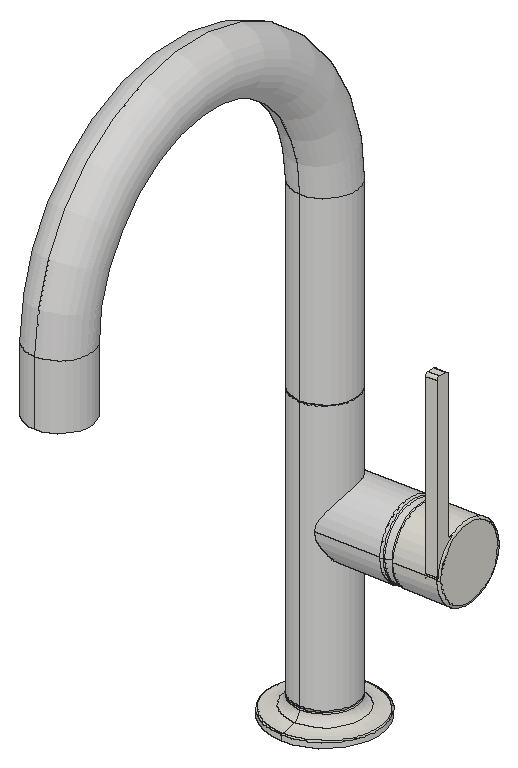
Revit family "Faucet-Lavatory-Spout-KALLISTA-Juxtapose-P23175-1", category Plumbing Fixtures, host Face, Revit 2021
Family settings
  Host = Face
  Round Connector Dimension = Use Diameter
  Part Type = Normal
  OmniClass Number = 23.31.11.00
  OmniClass Title = Faucets
  Cut with Voids When Loaded = No
  Shared = No
  Room Calculation Point = No
Parameters (values of type "SN, VS-Stainless")
  Width = 2.06299"  # constant formula
  WaterSense Certified = 1 = 0  # no
  Waste Water Outlet = "Waste Water Outlet"  # constant formula
  Waste Connection = 1 = 0  # no
  Vent Connection = 1 = 0  # no
  URL = "https://www.kallista.com/"
  Type = 6
  Spout Reach = 5 201/256"  # constant formula
  Secondary Finish = Kallista-Metal-SN-Polished_Nickel
  Product Page URL = "https://www.kallista.com/products/luxury-kitchen/faucets/bar/juxtapose-by-mick-de-giulio-bar-faucet-p23175-sn"
  Product Name = "Juxtapose"  # constant formula
  Product Documentation Link = "https://resources.kohler.com/interiors/kallista/pdf/1402836-4.pdf"
  Pressure = 60.00 psi  # constant formula
  Model = if(Type = 1, "P23175-2MB-VS", if(Type = 2, "P23175-2MB-BL", if(Type = 3, "P23175-AF-BAF", if(Type = 4, "P23175-LV-BL", if(Type = 5, "P23175-LV-CP", if(Type = 6, "P23175-SN-VS", "NA"))))))  # "P23175-SN-VS"
  Material = "Premium Metal Construction"  # constant formula
  Master Format 2014 Name = "Residential Faucets, Supplies, and Trim"  # constant formula
  Master Format 2014 = "22 41 39"  # constant formula
  Manufacturer Address = "444 Highland Dr, Kohler, WI 53044"  # constant formula
  Manufacturer = "Kallista Co."  # constant formula
  Length = Spout Reach  # 5 201/256"
  Hot Water Inlet = "Hot Water Inlet"  # constant formula
  Height = 13"  # constant formula
  Handle Clearance = 3.48819"  # constant formula
  HW Connection = 1 = 1  # yes
  Flow Rate = 1.5 GPM  # constant formula
  Finish = Kallista-Metal-VS-Stainless
  Environmental Product Declaration = ""
  Drain Included = 1 = 0  # no
  Description = "Bar Faucet"  # constant formula
  Default Elevation = 36"
  Declare Label = ""
  Date Modified = "11/14/2024"  # constant formula
  Date Created = "11/14/2024"  # constant formula
  Copyright = "Copyright Kallista Co."  # constant formula
  Contact Us = "https://www.kallista.com/corporate/contact-us/"
  Cold Water Inlet = "Cold Water Inlet"  # constant formula
  CW Connection = 1 = 1  # yes
  Assembly Code = "D2010"
  ADA Compliant = 1 = 0  # no
Types (7): name | Type | Secondary Finish | Product Page URL | Model | Finish
  (no name) | 6 | Kallista-Metal-SN-Polished_Nickel | "https://www.kallista.com/products/luxury-kitchen/faucets/bar/juxtapose-by-mick-de-giulio-bar-faucet-p23175-sn" | "P23175-SN-VS" | Kallista-Metal-VS-Stainless
  2MB, VS-Stainless | 1 | Kallista-Metal-2MB- Brushed_Brass | "" | "P23175-2MB-VS" | Kallista-Metal-VS-Stainless
  2MB, BL-Matte Black | 2 | Kallista-Metal-2MB- Brushed_Brass | "https://www.kallista.com/products/luxury-kitchen/faucets/bar/juxtapose-by-mick-de-giulio-bar-faucet-p23175-2mb" | "P23175-2MB-BL" | Kallista-Metal-BL-Matte_Black
  AF, BAF-Brushed French Gold | 3 | Kallista-Metal-AF-French_Gold | "" | "P23175-AF-BAF" | Kallista-Metal-BAF-Brushed_French_Gold
  LV, BL-Matte Black | 4 | Kallista-Metal-BL-Matte_Black | "https://www.kallista.com/products/luxury-kitchen/faucets/bar/juxtapose-by-mick-de-giulio-bar-faucet-p23175-lv/bl-matte-black" | "P23175-LV-BL" | Kallista-Metal-BL-Matte_Black
  LV, CP-Chrome | 5 | Kallista-Metal-CP-Chrome | "https://www.kallista.com/products/luxury-kitchen/faucets/bar/juxtapose-by-mick-de-giulio-bar-faucet-p23175-lv/cp-chrome" | "P23175-LV-CP" | Kallista-Metal-CP-Chrome
  SN, VS-Stainless | 6 | Kallista-Metal-SN-Polished_Nickel | "https://www.kallista.com/products/luxury-kitchen/faucets/bar/juxtapose-by-mick-de-giulio-bar-faucet-p23175-sn" | "P23175-SN-VS" | Kallista-Metal-VS-Stainless
Reference planes (in)
  plane 1 "Center (Front/Back)": y = 0
  plane 2: z = 0
  plane 3 "Center (Left/Right)": x = 0
  plane 4: x = -1.0315
  plane 5: x = 1.0315
  plane 6: x = 2.62992
  plane 7: y = 1.0315
  plane 8: y = -0.59
  plane 9: y = -1.0315
  plane 10: y = -6.965
  plane 11: x = -0.59
  plane 12: x = 0.59
  plane 13: z = 13
  plane 14: z = 6.95669
  plane 15: z = 3.4685
  plane 16: y = 0
  plane 17: z = 7.97244
  plane 18: y = -5.78516
  plane 19: y = 0.59
  plane 20: z = 4.20756
  plane 21: z = 2.74683
  plane 22: x = -0.27559
  plane 23: x = 0.27559
Dimensions and locks (in)
  plane 15 to plane 14 = 3.48819"
  "Width": plane 4 to plane 5
  "Height": plane 13 to level
  "Handle Clearance": plane 14 to plane 15
  plane 11 to plane 12 = 1.18"
  level to plane 13 = 13"
  level to plane 15 = 3.4685"
  level to plane 14 = 6.95669"
  "Length": plane 16 to plane 18
  level to plane 17 = 7.97244"
  aligned and locked: plane 2 to host face
  aligned and locked: level to host face
  aligned and locked: plane 3 "Center (Left/Right)" to nested 1
  aligned and locked: plane 1 "Center (Front/Back)" to nested 1
Automatic sketch dimensions
  host sketch curve to host sketch curve = 96"  (x2)
Nested families (in)
  nested 1: "P23175" at (0, 0, 0), type "P23175"
Connectors (in)
  piping at (-0.27559, 0, 0), diameter 0.375, driven by "Flow Rate", driven by "Pressure", driven by "HW Connection", driven by "Hot Water Inlet"
    settings: on nested 1, index 1, connector inside diameter 24", connector length 0", flow factor 0, pipe flow 1.5 GPM, pressure drop 60.00 psi, fitting loss kfactor 0, connector angle 0.00°, fixture units 0, engagement length 0", angle of deflection 0.00°, flow configuration 1, flow direction 1, fitting loss method 4, system type 19, joint type 0, gender type 0, connector reference index -1, connector utility 1, adjustable connector no, is connector primary yes, connector description "Hot Water Inlet"
  piping at (0.27559, 0, 0), diameter 0.375, driven by "Flow Rate", driven by "Pressure", driven by "CW Connection", driven by "Cold Water Inlet"
    settings: on nested 1, index 2, connector inside diameter 24", connector length 0", flow factor 0, pipe flow 1.5 GPM, pressure drop 60.00 psi, fitting loss kfactor 0, connector angle 0.00°, fixture units 0, engagement length 0", angle of deflection 0.00°, flow configuration 1, flow direction 1, fitting loss method 4, system type 20, joint type 0, gender type 0, connector reference index -1, connector utility 1, adjustable connector no, is connector primary no, connector description "Cold Water Inlet"
Definition of nested family "P23175"
  Parameters
    Secondary Material = none
    Material = none
    Default Elevation = 0"
  Reference planes (in)
    plane 1 "Center (Front/Back)": y = 0
    plane 2: z = 0
    plane 3 "Center (Left/Right)": x = 0
    plane 4: x = 2.62992
    plane 5: x = -1.0315
    plane 6: x = 1.0315
    plane 7: y = 1.0315
    plane 8: y = -1.0315
    plane 9: z = 3.4685
    plane 10: z = 6.95669
    plane 11: z = 7.97244
    plane 12: y = -6.37402
    plane 13: y = -6.965
    plane 14: y = -5.785
    plane 15: z = 13
    plane 16: y = 0.59
    plane 17: y = -0.59
    plane 18: x = -0.27559
    plane 19: x = 0.27559
  Forms (in)
    Revolve 1, solid, material <- "Material", detail levels medium+fine
      sketch origin (0, 0, 0) x (0, 1, 0) y (0, 0, 1)
        loop
          line (0, 5.67092) -> (0, 0.37502) -> (0.57032, 0.37502)
          arc (0.57032, 0.37502) -> (0.58424, 0.38078) -> (0.59, 0.3947) r 0.01969
          line (0.59, 0.3947) -> (0.59, 5.65123)
          arc (0.59, 5.65123) -> (0.58424, 5.66515) -> (0.57032, 5.67092) r 0.01969
          line (0.57032, 5.67092) -> (0, 5.67092)
        axis (0, 0.37502) -> (0, 5.67092)
      angle from 0 to 360
    Revolve 2, solid, material <- "Secondary Material", detail levels medium+fine
      sketch origin (0, 0, 0) x (0, 1, 0) y (0, 0, 1)
        loop
          line (0, 0) -> (1.0315, 0) -> (1.0315, 0.10118)
          arc (1.0315, 0.10118) -> (1.02555, 0.11527) -> (1.01132, 0.12086) r 0.01969
          arc (1.01132, 0.12086) -> (0.86083, 0.13376) -> (0.71684, 0.17935) r 0.68434
          arc (0.71684, 0.17935) -> (0.63108, 0.24825) -> (0.59081, 0.35061) r 0.21429
          arc (0.59081, 0.35061) -> (0.58176, 0.36802) -> (0.56343, 0.375) r 0.02756
          line (0.56343, 0.375) -> (0, 0.375) -> (0, 0)
        axis (0, 0) -> (0, 0.375)
      angle from 0 to 360
    Sweep 3, solid, material <- "Material", detail levels medium+fine
      path origin (0, 0, 0) x (0, 1, 0) y (0, 0, 1)
        loop
          line (0, 5.67091) -> (0, 9.22183)
          arc (0, 9.22183) -> (-3.18701, 12.40884) -> (-6.37402, 9.22183) r 3.18701
          line (-6.37402, 9.22183) -> (-6.37402, 7.97244)
      profile origin (0, 0, 9.22183) x (0, -1, 0) y (1, 0, 0)
        loop
          spline (0.59001, 0) -> (0.5699, 0.1527) -> (0.51096, 0.295) -> (0.4172, 0.41719) -> (0.29501, 0.51096) -> (0.15271, 0.5699) -> (0.00001, 0.59) -> (-0.1527, 0.5699) -> (-0.29499, 0.51096) -> (-0.41719, 0.41719) -> (-0.51095, 0.295) -> (-0.56989, 0.1527) -> (-0.58999, 0)
          spline (-0.58999, 0) -> (-0.56989, -0.1527) -> (-0.51095, -0.295) -> (-0.41719, -0.41719) -> (-0.29499, -0.51096) -> (-0.1527, -0.5699) -> (0.00001, -0.59) -> (0.15271, -0.5699) -> (0.29501, -0.51096) -> (0.4172, -0.41719) -> (0.51096, -0.295) -> (0.5699, -0.1527) -> (0.59001, 0)
    Extrusion 4, solid, material <- "Material", detail levels medium+fine
      sketch origin (0, 0, 0) x (0, 1, 0) y (0, 0, 1)
        loop
          circle (0.17616, 3.4685) r 0.72322
      from 0 to 1.71445
    Extrusion 5, solid, material <- "Secondary Material", detail levels medium+fine
      sketch origin (0, 0, 0) x (0, 1, 0) y (0, 0, 1)
        loop
          circle (0.17616, 3.4685) r 0.72322
      from 1.71445 to 2.6369
    Sweep 6, void
      path origin (0, 0, 0) x (0, 1, 0) y (0, 0, 1)
        loop
          circle (0.17616, 3.4685) r 0.72322
      profile origin (0, 0.17616, 4.19172) x (0, 0, -1) y (1, 0, 0)
        loop
          arc (0, 1.50099) -> (0.0064, 1.52327) -> (0.02365, 1.53876) r 0.04198
          arc (0.02365, 1.53876) -> (0.01647, 1.55981) -> (0.02153, 1.58147) r 0.04034
          arc (0.02153, 1.58147) -> (0.06386, 1.64998) -> (0.11212, 1.71445) r 0.90447
          line (0.11212, 1.71445) -> (-0.13899, 1.71445) -> (-0.13899, 1.46827) -> (0, 1.46827) -> (0, 1.50099)
    Sweep 7, void
      path origin (0, 0, 0) x (0, 1, 0) y (0, 0, 1)
        loop
          circle (0.17616, 3.4685) r 0.72322
      profile origin (0, 0.17616, 4.19172) x (0, 0, -1) y (1, 0, 0)
        loop
          line (0, 1.75382) -> (0, 1.71445) -> (0.03937, 1.71445)
          arc (0.03937, 1.71445) -> (0.01153, 1.72598) -> (0, 1.75382) r 0.03937
        loop
          line (0, 2.6369) -> (0, 2.59753)
          arc (0, 2.59753) -> (0.01153, 2.62537) -> (0.03937, 2.6369) r 0.03937
          line (0.03937, 2.6369) -> (0, 2.6369)
    Extrusion 8, solid, material <- "Secondary Material", detail levels medium+fine
      sketch origin (0, 0, -0.00615) x (0, 1, 0) y (0, 0, 1)
        loop
          arc (-0.48377, 6.96017) -> (-0.52553, 6.94287) -> (-0.54282, 6.90111) r 0.05906
          line (-0.54282, 6.90111) -> (-0.54282, 3.44223)
          arc (-0.54282, 3.44223) -> (-0.4526, 3.8041) -> (-0.20305, 4.08126) r 0.7708
          arc (-0.20305, 4.08126) -> (-0.26469, 4.08923) -> (-0.29343, 4.14434) r 0.06721
          line (-0.29343, 4.14434) -> (-0.29343, 6.90111)
          arc (-0.29343, 6.90111) -> (-0.31073, 6.94287) -> (-0.35249, 6.96017) r 0.05906
          line (-0.35249, 6.96017) -> (-0.48377, 6.96017)
      from 2.37325 to 2.6003
    Extrusion 9, void
      sketch origin (0, 0, 0) x (1, 0, 0) y (0, 1, 0)
        loop
          spline (0.47189, -6.37401) -> (0.45578, -6.25188) -> (0.40865, -6.13808) -> (0.33368, -6.04033) -> (0.23593, -5.96536) -> (0.12213, -5.91822) -> (0, -5.90212) -> (-0.12213, -5.91822) -> (-0.23593, -5.96536) -> (-0.33368, -6.04033) -> (-0.40865, -6.13808) -> (-0.45578, -6.25188) -> (-0.47189, -6.37401)
          spline (-0.47189, -6.37401) -> (-0.45578, -6.49614) -> (-0.40865, -6.60994) -> (-0.33368, -6.70768) -> (-0.23593, -6.78266) -> (-0.12213, -6.82979) -> (0, -6.8459) -> (0.12213, -6.82979) -> (0.23593, -6.78266) -> (0.33368, -6.70768) -> (0.40865, -6.60994) -> (0.45578, -6.49614) -> (0.47189, -6.37401)
      from 7.77266 to 8.01736
    Extrusion 10, void
      sketch origin (0, 0, 0) x (1, 0, 0) y (0, 1, 0)
        loop
          spline (0.35378, -6.37404) -> (0.3417, -6.28251) -> (0.30637, -6.1971) -> (0.25016, -6.12385) -> (0.17688, -6.06765) -> (0.09156, -6.0323) -> (0, -6.02023) -> (-0.09156, -6.0323) -> (-0.17688, -6.06765) -> (-0.25016, -6.12385) -> (-0.30637, -6.1971) -> (-0.3417, -6.28251) -> (-0.35378, -6.37404)
          spline (-0.35378, -6.37404) -> (-0.3417, -6.46553) -> (-0.30636, -6.55093) -> (-0.25015, -6.62418) -> (-0.17687, -6.68037) -> (-0.09156, -6.71572) -> (0, -6.72779) -> (0.09156, -6.71572) -> (0.17687, -6.68037) -> (0.25015, -6.62418) -> (0.30636, -6.55093) -> (0.3417, -6.46553) -> (0.35378, -6.37404)
      from 7.78178 to 8.11157
    Extrusion 11, solid, material <- "Material", detail levels medium+fine
      sketch origin (0, 0, 0) x (1, 0, 0) y (0, 1, 0)
        loop
          arc (-0.16653, -6.20697) -> (-0.21377, -6.27459) -> (-0.23489, -6.35432) r 0.23622
          line (-0.23489, -6.35432) -> (-0.19536, -6.35432)
          arc (-0.19536, -6.35432) -> (-0.17736, -6.28967) -> (-0.13869, -6.23481) r 0.19685
          line (-0.13869, -6.23481) -> (-0.16653, -6.20697)
        loop
          arc (0.19736, -6.37401) -> (0.18592, -6.44014) -> (0.15292, -6.49858) r 0.19685
          line (0.15292, -6.49858) -> (0.18088, -6.52654)
          arc (0.18088, -6.52654) -> (0.22233, -6.45523) -> (0.23673, -6.37401) r 0.23622
          line (0.23673, -6.37401) -> (0.19736, -6.37401)
        loop
          line (0.00051, -6.13779) -> (0.00051, -6.17716)
          arc (0.00051, -6.17716) -> (0.06664, -6.1886) -> (0.12508, -6.22159) r 0.19685
          line (0.12508, -6.22159) -> (0.15304, -6.19364)
          arc (0.15304, -6.19364) -> (0.08172, -6.15219) -> (0.00051, -6.13779) r 0.23622
        loop
          line (0.16754, -6.54104) -> (0.1397, -6.5132)
          arc (0.1397, -6.5132) -> (0.07584, -6.55587) -> (0.00051, -6.57086) r 0.19685
          line (0.00051, -6.57086) -> (0.00051, -6.61023)
          arc (0.00051, -6.61023) -> (0.0909, -6.59225) -> (0.16754, -6.54104) r 0.23622
        loop
          line (0.16754, -6.20697) -> (0.1397, -6.23481)
          arc (0.1397, -6.23481) -> (0.17837, -6.28967) -> (0.19637, -6.35432) r 0.19685
          line (0.19637, -6.35432) -> (0.23591, -6.35432)
          arc (0.23591, -6.35432) -> (0.21479, -6.27459) -> (0.16754, -6.20697) r 0.23622
        loop
          arc (-0.01918, -6.13861) -> (-0.08989, -6.15577) -> (-0.15203, -6.19364) r 0.23622
          line (-0.15203, -6.19364) -> (-0.12407, -6.22159)
          arc (-0.12407, -6.22159) -> (-0.07482, -6.19214) -> (-0.01918, -6.17814) r 0.19685
          line (-0.01918, -6.17814) -> (-0.01918, -6.13861)
        loop
          arc (-0.01918, -6.56987) -> (-0.08384, -6.55187) -> (-0.13869, -6.5132) r 0.19685
          line (-0.13869, -6.5132) -> (-0.16653, -6.54104)
          arc (-0.16653, -6.54104) -> (-0.09891, -6.58829) -> (-0.01918, -6.60941) r 0.23622
          line (-0.01918, -6.60941) -> (-0.01918, -6.56987)
        loop
          arc (-0.15191, -6.49858) -> (-0.1849, -6.44014) -> (-0.19634, -6.37401) r 0.19685
          line (-0.19634, -6.37401) -> (-0.23571, -6.37401)
          arc (-0.23571, -6.37401) -> (-0.22131, -6.45523) -> (-0.17987, -6.52654) r 0.23622
          line (-0.17987, -6.52654) -> (-0.15191, -6.49858)
      from 8.01736 to 8.28266
    Sweep 12, solid, material <- "Material", detail levels coarse
      path origin (0, 0, 0) x (0, 1, 0) y (0, 0, 1)
        loop
          line (0, 5.67091) -> (0, 9.22183)
          arc (0, 9.22183) -> (-3.18701, 12.40884) -> (-6.37402, 9.22183) r 3.18701
          line (-6.37402, 9.22183) -> (-6.37402, 7.97244)
      profile origin (0, 0, 9.22183) x (0, -1, 0) y (1, 0, 0)
        loop
          spline (0.59001, 0) -> (0.5699, 0.1527) -> (0.51096, 0.295) -> (0.4172, 0.41719) -> (0.29501, 0.51096) -> (0.15271, 0.5699) -> (0.00001, 0.59) -> (-0.1527, 0.5699) -> (-0.29499, 0.51096) -> (-0.41719, 0.41719) -> (-0.51095, 0.295) -> (-0.56989, 0.1527) -> (-0.58999, 0)
          spline (-0.58999, 0) -> (-0.56989, -0.1527) -> (-0.51095, -0.295) -> (-0.41719, -0.41719) -> (-0.29499, -0.51096) -> (-0.1527, -0.5699) -> (0.00001, -0.59) -> (0.15271, -0.5699) -> (0.29501, -0.51096) -> (0.4172, -0.41719) -> (0.51096, -0.295) -> (0.5699, -0.1527) -> (0.59001, 0)
    Extrusion 13, solid, material <- "Material", detail levels coarse
      sketch origin (0.0572, 0, 0) x (0, 1, 0) y (0, 0, 1)
        loop
          circle (0.17616, 3.4685) r 0.72322
      from 0 to 1.71445
    Extrusion 14, solid, material <- "Secondary Material", detail levels coarse
      sketch origin (0, 0, 0) x (0, 1, 0) y (0, 0, 1)
        loop
          circle (0.17616, 3.4685) r 0.72322
      from 1.77165 to 2.6369
    Extrusion 15, solid, material <- "Secondary Material", detail levels coarse
      sketch origin (0, 0.05254, -0.00615) x (0, 1, 0) y (0, 0, 1)
        loop
          line (-0.59536, 6.96017) -> (-0.59536, 3.44223) -> (-0.14944, 3.44223) -> (-0.14944, 4.14434) -> (-0.34597, 4.14434) -> (-0.34597, 6.96017) -> (-0.59536, 6.96017)
      from 2.37325 to 2.6003
    Revolve 16, solid, material <- "Secondary Material", detail levels coarse
      sketch origin (0, 0, 0) x (0, 1, 0) y (0, 0, 1)
        loop
          line (0, 0) -> (1.0315, 0) -> (1.0315, 0.12304) -> (0.59055, 0.12304) -> (0.59055, 0.375) -> (0, 0.375) -> (0, 0)
        axis (0, 0) -> (0, 0.375)
      angle from 0 to 360
    Revolve 17, solid, material <- "Material", detail levels coarse
      sketch origin (0, 0, 0) x (0, 1, 0) y (0, 0, 1)
        loop
          line (0, 5.67092) -> (0, 0.37502) -> (0.59, 0.37502) -> (0.59, 5.67092) -> (0, 5.67092)
        axis (0, 0.37502) -> (0, 5.67092)
      angle from 0 to 360
    Extrusion 18, solid, material <- "Material", detail levels medium+fine
      sketch origin (0, 0, 0) x (1, 0, 0) y (0, 1, 0)
        loop
          circle (-0.27559, 0) r 0.19685
        loop
          circle (0.27559, 0) r 0.19685
      from 0 to 0.375
  Cuts and joins
    Sweep 6 cuts Extrusion 4
    Sweep 7 cuts Extrusion 5
    Extrusion 9, Extrusion 10 cuts Sweep 3
  Lines and regions (in)
    Masking region 1
      outline origin (0, 0, 0) x (1, 0, 0) y (0, 1, 0)
        loop
          arc (-0.59, -6.3748) -> (0, -6.9648) -> (0.59, -6.3748) r 0.59
          line (0.59, -6.3748) -> (0.59, -0.84544)
          arc (0.59, -0.84544) -> (0.74702, -0.71057) -> (0.87394, -0.54706) r 1.0312
          line (0.87394, -0.54706) -> (1.50636, -0.54706)
          arc (1.50636, -0.54706) -> (1.52642, -0.54051) -> (1.53876, -0.5234) r 0.03401
          arc (1.53876, -0.5234) -> (1.55351, -0.53197) -> (1.57042, -0.52975) r 0.02646
          arc (1.57042, -0.52975) -> (1.64537, -0.4868) -> (1.71445, -0.43493) r 0.69862
          line (1.71445, -0.43493) -> (1.71445, -0.50769)
          arc (1.71445, -0.50769) -> (1.72598, -0.53553) -> (1.75382, -0.54706) r 0.03937
          line (1.75382, -0.54706) -> (2.59055, -0.54706)
          arc (2.59055, -0.54706) -> (2.61839, -0.53553) -> (2.62992, -0.50769) r 0.03937
          line (2.62992, -0.50769) -> (2.62992, 0.86001)
          arc (2.62992, 0.86001) -> (2.61839, 0.88785) -> (2.59055, 0.89938) r 0.03937
          line (2.59055, 0.89938) -> (1.75382, 0.89938)
          arc (1.75382, 0.89938) -> (1.72598, 0.88785) -> (1.71445, 0.86001) r 0.03937
          line (1.71445, 0.86001) -> (1.71445, 0.78725)
          arc (1.71445, 0.78725) -> (1.64727, 0.83699) -> (1.57616, 0.88092) r 0.99676
          arc (1.57616, 0.88092) -> (1.55659, 0.88462) -> (1.53876, 0.87573) r 0.03123
          arc (1.53876, 0.87573) -> (1.52171, 0.89303) -> (1.49826, 0.89938) r 0.04651
          line (1.49826, 0.89938) -> (0.505, 0.89938)
          arc (0.505, 0.89938) -> (-0.87344, 0.54845) -> (-0.59, -0.84544) r 1.0312
          line (-0.59, -0.84544) -> (-0.59, -6.3748)
    Masking region 2
      outline origin (0, 0, 0) x (1, 0, 0) y (0, 0, 1)
        loop
          arc (-0.58993, 5.69059) -> (-0.58416, 5.67667) -> (-0.57024, 5.67091) r 0.01969
          arc (-0.57024, 5.67091) -> (-0.58416, 5.66514) -> (-0.58993, 5.65122) r 0.01969
          line (-0.58993, 5.65122) -> (-0.58993, 0.40021)
          arc (-0.58993, 0.40021) -> (-0.58214, 0.38199) -> (-0.5636, 0.37503) r 0.02521
          arc (-0.5636, 0.37503) -> (-0.58179, 0.36952) -> (-0.59073, 0.35276) r 0.02479
          arc (-0.59073, 0.35276) -> (-0.63682, 0.24024) -> (-0.7373, 0.17177) r 0.21125
          arc (-0.7373, 0.17177) -> (-0.8686, 0.13852) -> (-1.00289, 0.12078) r 1.16188
          arc (-1.00289, 0.12078) -> (-1.02029, 0.11431) -> (-1.0315, 0.09951) r 0.03322
          line (-1.0315, 0.09951) -> (-1.0315, 0.01969)
          arc (-1.0315, 0.01969) -> (-1.02573, 0.00577) -> (-1.01181, 0) r 0.01969
          line (-1.01181, 0) -> (1.01181, 0)
          arc (1.01181, 0) -> (1.02573, 0.00577) -> (1.0315, 0.01969) r 0.01969
          line (1.0315, 0.01969) -> (1.0315, 0.09951)
          arc (1.0315, 0.09951) -> (1.02029, 0.11431) -> (1.00289, 0.12078) r 0.03322
          arc (1.00289, 0.12078) -> (0.8686, 0.13852) -> (0.7373, 0.17177) r 1.16188
          arc (0.7373, 0.17177) -> (0.63682, 0.24024) -> (0.59073, 0.35276) r 0.21125
          arc (0.59073, 0.35276) -> (0.58179, 0.36952) -> (0.5636, 0.37503) r 0.02479
          arc (0.5636, 0.37503) -> (0.58214, 0.38199) -> (0.58993, 0.40021) r 0.02521
          line (0.58993, 0.40021) -> (0.58993, 2.70576)
          arc (0.58993, 2.70576) -> (0.60146, 2.73359) -> (0.6293, 2.74513) r 0.03937
          line (0.6293, 2.74513) -> (1.49939, 2.74513)
          arc (1.49939, 2.74513) -> (1.52723, 2.75666) -> (1.53876, 2.7845) r 0.03937
          arc (1.53876, 2.7845) -> (1.55933, 2.76765) -> (1.58582, 2.76991) r 0.03534
          arc (1.58582, 2.76991) -> (1.65291, 2.80959) -> (1.71445, 2.85741) r 0.61631
          line (1.71445, 2.85741) -> (1.71445, 2.7845)
          arc (1.71445, 2.7845) -> (1.72598, 2.75666) -> (1.75382, 2.74513) r 0.03937
          line (1.75382, 2.74513) -> (2.59055, 2.74513)
          arc (2.59055, 2.74513) -> (2.61839, 2.75666) -> (2.62992, 2.7845) r 0.03937
          line (2.62992, 2.7845) -> (2.62992, 6.91732)
          arc (2.62992, 6.91732) -> (2.61839, 6.94516) -> (2.59055, 6.95669) r 0.03937
          line (2.59055, 6.95669) -> (2.41262, 6.95669)
          arc (2.41262, 6.95669) -> (2.38478, 6.94516) -> (2.37325, 6.91732) r 0.03937
          line (2.37325, 6.91732) -> (2.37325, 4.23107)
          arc (2.37325, 4.23107) -> (2.36172, 4.20323) -> (2.33388, 4.1917) r 0.03937
          line (2.33388, 4.1917) -> (1.75382, 4.1917)
          arc (1.75382, 4.1917) -> (1.72598, 4.18017) -> (1.71445, 4.15233) r 0.03937
          line (1.71445, 4.15233) -> (1.71445, 4.0796)
          arc (1.71445, 4.0796) -> (1.6518, 4.12681) -> (1.58508, 4.16807) r 0.85385
          arc (1.58508, 4.16807) -> (1.56192, 4.17408) -> (1.53876, 4.16807) r 0.04762
          arc (1.53876, 4.16807) -> (1.52199, 4.18535) -> (1.49877, 4.1917) r 0.04565
          line (1.49877, 4.1917) -> (0.6293, 4.1917)
          arc (0.6293, 4.1917) -> (0.60146, 4.20323) -> (0.58993, 4.23107) r 0.03937
          line (0.58993, 4.23107) -> (0.58993, 5.65122)
          arc (0.58993, 5.65122) -> (0.58416, 5.66514) -> (0.57024, 5.67091) r 0.01969
          arc (0.57024, 5.67091) -> (0.58416, 5.67667) -> (0.58993, 5.69059) r 0.01969
          line (0.58993, 5.69059) -> (0.58993, 12.41008)
          arc (0.58993, 12.41008) -> (0, 13.00001) -> (-0.58993, 12.41008) r 0.58993
          line (-0.58993, 12.41008) -> (-0.58993, 5.69059)
    Masking region 3
      outline origin (0, 0, 0) x (0, 1, 0) y (0, 0, 1)
        loop
          arc (0.57032, 5.67091) -> (0.58424, 5.66514) -> (0.59, 5.65122) r 0.01969
          line (0.59, 5.65122) -> (0.59, 4.06161)
          arc (0.59, 4.06161) -> (0.89938, 3.4685) -> (0.59, 2.87539) r 0.72322
          line (0.59, 2.87539) -> (0.59, 0.39474)
          arc (0.59, 0.39474) -> (0.58424, 0.38082) -> (0.57032, 0.37505) r 0.01969
          arc (0.57032, 0.37505) -> (0.58371, 0.36721) -> (0.59, 0.35303) r 0.0253
          arc (0.59, 0.35303) -> (0.63195, 0.24665) -> (0.72256, 0.1769) r 0.21469
          arc (0.72256, 0.1769) -> (0.85519, 0.13659) -> (0.99293, 0.1211) r 0.75861
          arc (0.99293, 0.1211) -> (1.02025, 0.10929) -> (1.0315, 0.08174) r 0.03937
          line (1.0315, 0.08174) -> (1.0315, 0.01969)
          arc (1.0315, 0.01969) -> (1.02573, 0.00577) -> (1.01181, 0) r 0.01969
          line (1.01181, 0) -> (-1.01181, 0)
          arc (-1.01181, 0) -> (-1.02573, 0.00577) -> (-1.0315, 0.01969) r 0.01969
          line (-1.0315, 0.01969) -> (-1.0315, 0.08174)
          arc (-1.0315, 0.08174) -> (-1.02025, 0.10929) -> (-0.99293, 0.1211) r 0.03937
          arc (-0.99293, 0.1211) -> (-0.85519, 0.13659) -> (-0.72256, 0.1769) r 0.75861
          arc (-0.72256, 0.1769) -> (-0.63195, 0.24665) -> (-0.59, 0.35303) r 0.21469
          arc (-0.59, 0.35303) -> (-0.58371, 0.36721) -> (-0.57032, 0.37505) r 0.0253
          arc (-0.57032, 0.37505) -> (-0.58423, 0.38082) -> (-0.59, 0.39474) r 0.01969
          line (-0.59, 0.39474) -> (-0.59, 5.65122)
          arc (-0.59, 5.65122) -> (-0.58423, 5.66514) -> (-0.57031, 5.67091) r 0.01969
          arc (-0.57031, 5.67091) -> (-0.58434, 5.67789) -> (-0.59, 5.6925) r 0.02169
          line (-0.59, 5.6925) -> (-0.59, 9.22099)
          arc (-0.59, 9.22099) -> (-3.1875, 11.81849) -> (-5.785, 9.22099) r 2.5975
          line (-5.785, 9.22099) -> (-5.785, 7.99213)
          arc (-5.785, 7.99213) -> (-5.79077, 7.97821) -> (-5.80469, 7.97244) r 0.01969
          line (-5.80469, 7.97244) -> (-6.94531, 7.97244)
          arc (-6.94531, 7.97244) -> (-6.95923, 7.97821) -> (-6.965, 7.99213) r 0.01969
          line (-6.965, 7.99213) -> (-6.965, 9.22249)
          arc (-6.965, 9.22249) -> (-3.1875, 12.99999) -> (0.59, 9.22249) r 3.7775
          line (0.59, 9.22249) -> (0.59, 5.69279)
          arc (0.59, 5.69279) -> (0.58359, 5.67732) -> (0.56811, 5.67091) r 0.02189
    symbolic lines, detail levels medium+fine
      curve 1: line (-0.59, -0.84544, 0) -> (-0.59, -0.00002, 0)
      curve 2: line (0.59, -0.84544, 0) -> (0.59, -0.00002, 0)
      curve 3: arc (-0.59, -0.00002, 0) -> (-0.40303, 0.43087, 0) -> (0.03937, 0.58866, 0) r 0.59
      curve 4: line (0.505, 0.89938, 0) -> (0.45739, 0.89938, 0)
      curve 5: line (0, 0.86001, 0) -> (0, 0.58998, 0)
      curve 6: arc (0.03937, 0.89938, 0) -> (0.01153, 0.88785, 0) -> (0, 0.86001, 0) r 0.03937
      curve 7: line (0.03937, 0.89938, 0) -> (0.03937, 0.58866, 0)
      curve 8: arc (0.03937, 0.58866, 0) -> (0.43089, 0.40301, 0) -> (0.59, -0.00002, 0) r 0.59
      curve 9: arc (0.59, -0.80743, 0) -> (0.71499, -0.68373, 0) -> (0.82565, -0.54706, 0) r 1.59868
      curve 10: line (0.87394, -0.54706, 0) -> (0.82565, -0.54706, 0)
      curve 11: line (1.71445, -0.43493, 0) -> (1.71445, 0.78725, 0)
      curve 12: line (1.53876, 0.87573, 0) -> (1.53876, -0.5234, 0)
      curve 13: line (1.49826, 0.89938, 0) -> (1.50636, -0.54706, 0)
      curve 14: line (1.57042, -0.52975, 0) -> (1.57042, 0.88411, 0)
      curve 15: line (1.75382, 0.89938, 0) -> (1.75382, -0.54706, 0)
      curve 16: line (2.59055, 0.89938, 0) -> (2.59055, -0.54706, 0)
      curve 17: line (2.37325, -0.54706, 0) -> (2.37325, -0.28761, 0)
      curve 18: line (2.41262, -0.24824, 0) -> (2.59055, -0.24824, 0)
      curve 19: arc (2.37325, -0.28761, 0) -> (2.38478, -0.25977, 0) -> (2.41262, -0.24824, 0) r 0.03937
      curve 20: line (2.45199, -0.28761, 0) -> (2.62992, -0.28761, 0)
      curve 21: line (2.41262, -0.32698, 0) -> (2.41262, -0.46832, 0)
      curve 22: line (2.62992, -0.50769, 0) -> (2.45199, -0.50769, 0)
      curve 23: arc (2.45199, -0.28761, 0) -> (2.42415, -0.29914, 0) -> (2.41262, -0.32698, 0) r 0.03937
      curve 24: line (2.41262, -0.32698, 0) -> (2.62992, -0.32698, 0)
      curve 25: line (2.41262, -0.32698, 0) -> (2.37325, -0.28761, 0)
      curve 26: arc (2.41262, -0.46832, 0) -> (2.42415, -0.49616, 0) -> (2.45199, -0.50769, 0) r 0.03937
      curve 27: line (2.41262, -0.46832, 0) -> (2.37325, -0.54706, 0)
      curve 28: line (2.41262, -0.46832, 0) -> (2.62992, -0.46832, 0)
      curve 29: arc (0.45739, 0.89938, 0) -> (-0.85598, 0.53056, 0) -> (-0.59, -0.80743, 0) r 1.00429
      curve 30: line (0.45739, 0.89938, 0) -> (0.03937, 0.89938, 0)
      curve 31: arc (0, 0.63405, 0) -> (0.58262, 0.36657, 0) -> (0.59, -0.27447, 0) r 0.5992
      curve 32: line (-0.57024, 0, 5.67091) -> (0.57024, 0, 5.67091)
      curve 33: line (-0.58993, 0, 5.69059) -> (0.58993, 0, 5.69059)
      curve 34: line (-0.58993, 0, 5.65122) -> (0.58993, 0, 5.65122)
      curve 35: line (-0.59, 0, 7.97244) -> (0.59, 0, 7.97244)
      curve 36: line (-0.58993, 0, 7.94793) -> (0.58993, 0, 7.94793)
      curve 37: line (-0.5636, 0, 0.37503) -> (0.5636, 0, 0.37503)
      curve 38: line (-0.58993, 0, 0.40021) -> (0.58993, 0, 0.40021)
      curve 39: line (-0.59073, 0, 0.35276) -> (0.59073, 0, 0.35276)
      curve 40: line (-0.7373, 0, 0.17177) -> (0.7373, 0, 0.17177)
      curve 41: line (-1.0315, 0, 0.09951) -> (1.0315, 0, 0.09951)
      curve 42: line (-1.00289, 0, 0.12078) -> (1.00289, 0, 0.12078)
      curve 43: line (-1.0315, 0, 0.01969) -> (1.0315, 0, 0.01969)
      curve 44: line (1.71445, 0, 4.0796) -> (1.71445, 0, 2.85741)
      curve 45: line (1.53876, 0, 4.16807) -> (1.53876, 0, 2.7845)
      curve 46: line (1.49877, 0, 4.1917) -> (1.49939, 0, 2.74513)
      curve 47: line (1.58582, 0, 2.76991) -> (1.58508, 0, 4.16807)
      curve 48: line (1.75382, 0, 4.1917) -> (1.75382, 0, 2.74513)
      curve 49: line (0.58993, 0, 4.23107) -> (0.11198, 0, 3.61325)
      curve 50: line (0.58993, 0, 2.70576) -> (0.11196, 0, 3.32374)
      curve 51: line (0.6293, 0, 2.74513) -> (0.21563, 0, 3.35841)
      curve 52: line (0.6293, 0, 4.1917) -> (0.21564, 0, 3.57859)
      curve 53: arc (0.21564, 0, 3.57859) -> (0.18198, 0, 3.4685) -> (0.21563, 0, 3.35841) r 0.19685
      curve 54: arc (0.11198, 0, 3.61325) -> (0.06252, 0, 3.4685) -> (0.11196, 0, 3.32374) r 0.23659
      curve 55: line (0, -5.785, 9.22099) -> (0, -6.965, 9.22099)
      curve 56: line (0, -5.785, 7.99213) -> (0, -6.965, 7.99213)
      curve 57: line (0, -0.59, 9.22099) -> (0, 0.59, 9.22099)
      curve 58: arc (0, 0.59, 4.06161) -> (0, 0.14809, 4.20756) -> (0, -0.29343, 4.06046) r 0.73906
      curve 59: line (0, -0.29343, 4.0561) -> (0, -0.29343, 6.91732)
      curve 60: line (0, -0.54282, 6.91732) -> (0, -0.54282, 3.4685)
      curve 61: line (0, -0.3328, 6.95669) -> (0, -0.50345, 6.95669)
      curve 62: arc (0, -0.29343, 6.91732) -> (0, -0.30497, 6.94516) -> (0, -0.3328, 6.95669) r 0.03937
      curve 63: arc (0, -0.50345, 6.95669) -> (0, -0.53129, 6.94516) -> (0, -0.54282, 6.91732) r 0.03937
      curve 64: arc (0, -0.54282, 3.4685) -> (0, 0.14135, 2.78433) -> (0, 0.82552, 3.4685) r 0.68417
      curve 65: arc (0, 0.82552, 3.4685) -> (0, 0.45944, 4.07423) -> (0, -0.24705, 4.03174) r 0.68417
      curve 66: arc (0, -0.24705, 4.03174) -> (0, -0.2776, 4.0299) -> (0, -0.29343, 4.0561) r 0.02959
      curve 67: line (0, -0.3328, 6.95669) -> (0, -0.3328, 4.02791)
      curve 68: line (0, -0.50345, 6.95669) -> (0, -0.50345, 3.23976)
      curve 69: line (0, 0.78725, 3.4685) -> (0, -0.43493, 3.4685)
      curve 70: circle (0, 0.17616, 3.4685) r 0.64914 normal (1, 0, 0)
      curve 71: arc (0, -0.22737, 3.97698) -> (0, -0.29607, 3.96936) -> (0, -0.3328, 4.02791) r 0.06502
      curve 72: arc (0, 0.59, 2.87539) -> (0, -0.15589, 2.82916) -> (0, -0.54282, 3.4685) r 0.72168
      curve 73: line (0, 0.56811, 5.67091) -> (0, -0.29343, 5.67091)
      curve 74: line (0, -0.59, 5.6925) -> (0, -0.54282, 5.6925)
      curve 75: line (0, -0.59, 5.65122) -> (0, -0.54282, 5.65122)
      curve 76: line (0, 0.59, 5.69279) -> (0, -0.29343, 5.69279)
      curve 77: line (0, 0.59, 5.65122) -> (0, -0.29343, 5.65122)
      curve 78: line (0, -0.29343, 6.91732) -> (0, -0.54282, 6.91732)
      curve 79: line (0, 0.57032, 0.37505) -> (0, -0.5888, 0.37505)
      curve 80: line (0, 0.59, 0.39474) -> (0, -0.59, 0.39474)
      curve 81: line (0, 0.59, 0.35303) -> (0, -0.59, 0.35303)
      curve 82: line (0, 0.72256, 0.1769) -> (0, -0.72256, 0.1769)
      curve 83: line (0, -0.99293, 0.1211) -> (0, 0.99293, 0.1211)
      curve 84: line (0, 1.0315, 0.08174) -> (0, -1.0315, 0.08174)
      curve 85: line (0, 1.0315, 0.01969) -> (0, -1.0315, 0.01969)
  Dimensions and locks (in)
    aligned and locked: plane 2 to level
